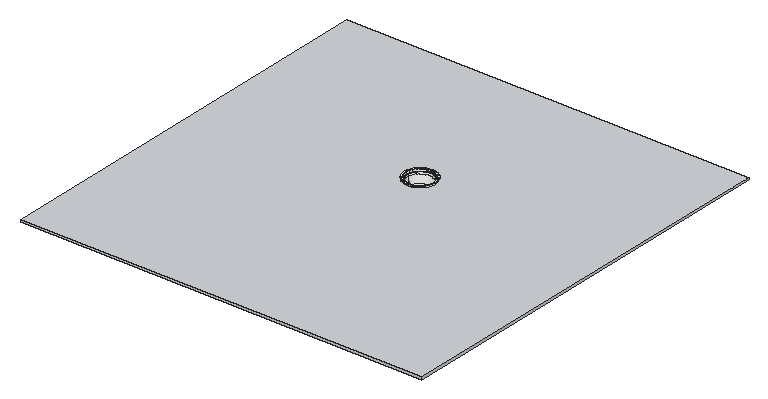
Revit family "Zumtobel PANOS3 R R200", category Lighting Fixtures, host Face, Revit 2018
Family settings
  Host = Face
  Round Connector Dimension = Use Diameter
  Part Type = Normal
  OmniClass Number = 23.80.70.11
  OmniClass Title = Luminaries for Internal Lighting
  Cut with Voids When Loaded = No
  Light Source = Yes
  Shared = No
  Room Calculation Point = No
Parameters (values of type "PANOS3 R R200H WH")
  Width = 213 mm
  Wattage Comments = ""
  Wattage = 7.6746 W
  WH = yes
  built-in parameter 1150110 = 1 (stored number, unit not read)
  Voltage = 230 V
  URL = "http://www.zumtobel.com/60819247"
  Type Comments = "© Zumtobel. We reserve the right to make technical changes without prior notice."  # constant formula
  built-in parameter 1114217 = 1 (stored number, unit not read)
  Tilt Angle = -90.00°
  built-in parameter 1150109 = 1 (stored number, unit not read)
  built-in parameter 1150134 = 12
  built-in parameter 1150113 = 1 (stored number, unit not read)
  Reflector = ZG_Metal_White_Self_Illumination
  R200L = no
  R200H = yes
  Photometric Web File = "60819247_(STD).IES"
  Model = "60819247"
  Manufacturer = "Zumtobel Lighting"  # constant formula
  built-in parameter 1150105 = 762.77 (stored number, unit not read)
  Lumens = 1140 lm
  built-in parameter 1150115 = 1 (stored number, unit not read)
  built-in parameter 1150137 = (empty or 0)
  built-in parameter 1150139 = (empty or 0)
  Length = Width  # 213 mm
  built-in parameter 1150112 = 1 (stored number, unit not read)
  built-in parameter 1150114 = 1 (stored number, unit not read)
  Lamp = "LED"
  built-in parameter 1150132 = 2
  built-in parameter 1150102 = (empty or 0)
  built-in parameter 1150107 = 4000 (stored number, unit not read)
  built-in parameter 1150138 = (empty or 0)
  built-in parameter 1150106 = 7.6277 (stored number, unit not read)
  Height = 106 mm
  Emit from Circle Diameter = Cover Diameter  # 218 mm
  Emit Shape Visible in Rendering = yes
  built-in parameter 1150104 = 13.8 (stored number, unit not read)
  Dimming Lamp Color Temperature Shift = <None>
  Description = "LED ceiling-recessed luminaire"  # constant formula
  Default Elevation = 0 mm
  Cutout Diameter = 200 mm  # constant formula
  Cover Diameter = 218 mm  # constant formula
  Color Filter = 16777215
  Clearance Height = if(R200H, 120 mm, 75 mm)  # 120 mm
  built-in parameter 1140040 [instance] = 1
  Body = ZG_Metal_White
  built-in parameter 1114218 = 1 (stored number, unit not read)
  built-in parameter 1150133 = 10 (stored number, unit not read)
  Assembly Code = "D5020200"
  Apparent Load = 8.1 VA
Types (4, lengths in mm): name | Width | WH | URL | R200L | R200H | Photometric Web File | Model | built-in parameter 1150105 | Length | built-in parameter 1150106 | Height | Clearance Height
  PANOS3 R R200L WH | 213 | yes | "http://www.zumtobel.com/60819287" | yes | no | "60819287_(STD).IES" | "60819287" | 670.09 (stored number, unit not read) | 213 | 6.7009 (stored number, unit not read) | 65 | 75
  PANOS3 R R200L TL | 200 | no | "http://www.zumtobel.com/60819285" | yes | no | "60819285_(STD).IES" | "60819285" | 670.09 (stored number, unit not read) | 200 | 6.7009 (stored number, unit not read) | 65 | 75
  PANOS3 R R200H WH | 213 | yes | "http://www.zumtobel.com/60819247" | no | yes | "60819247_(STD).IES" | "60819247" | 762.77 (stored number, unit not read) | 213 | 7.6277 (stored number, unit not read) | 106 | 120
  PANOS3 R R200H TL | 200 | no | "http://www.zumtobel.com/60818282" | no | yes | "60819282_(STD).IES" | "60818282" | 762.77 (stored number, unit not read) | 200 | 7.6277 (stored number, unit not read) | 106 | 120
Reference planes
  plane 1 "Center (Front/Back)": y = 0
  plane 2 "Top": z = 0
  plane 3 "Center (Left/Right)": x = 399.5
  plane 4: z = 1.7
  plane 5: x = 249.5
  plane 6: y = 100
  plane 7: y = -350
  plane 8: x = 749.5
  plane 9: z = -120
  plane 10: z = -15
  plane 11: x = 499.5
  plane 12: x = 299.5
  plane 13: x = 307.39
  plane 14: y = 150
  plane 15: y = -100
  plane 16 "Bottom": z = -106
Forms (mm)
  Extrusion 1, solid
    sketch origin (0, 0, 0) x (1, 0, 0) y (0, 1, 0)
      loop
        line (-1016.679, 1125) -> (-1016.679, -1737.29) -> (1803.321, -1737.29) -> (1803.321, 1125) -> (-1016.679, 1125)
    from 0 to -15
  Extrusion 2, void
    sketch origin (0, 0, 0) x (1, 0, 0) y (0, 1, 0)
      loop
        circle (399.5, 0) r 100
    from -20 to 0
  Extrusion 3, solid, material "ZG_Metal_White" <- "Body", visible <- "WH"
    sketch origin (0, 0, 0) x (1, 0, 0) y (0, 1, 0)
      loop
        circle (399.5, 0) r 109
      loop
        circle (399.5, 0) r 97
    from 0 to 1.7
  Revolve 4, solid, material "ZG_Metal_White" <- "Body", visible <- "R200H"
    sketch origin (0, 0, 0) x (1, 0, 0) y (0, 0, 1)
      loop
        line (321.873, -77.47) -> (313.668, -25.667) -> (311.696, -14.484) -> (304.325, -14.484) -> (302.5, -9.471) -> (302.5, 0) -> (299.5, 0) -> (299.5, -10) -> (302.224, -17.484) -> (309.179, -17.484) -> (310.678, -25.982) -> (312.103, -66.802) -> (314.616, -66.802) -> (314.721, -69.802) -> (312.208, -69.802) -> (313.472, -106) -> (399.5, -106) -> (399.5, -77.47) -> (321.873, -77.47)
      axis (399.5, 0) -> (399.5, -106)
    angle from 0 to 360
  Extrusion 5, void
    sketch origin (0, 0, -104) x (-1, 0, 0) y (0, -1, 0)
      loop
        line (-249.5, -150) -> (-249.5, 350) -> (-749.5, 350) -> (-749.5, -150) -> (-249.5, -150)
    from -16 to 89
  Revolve 6, solid, material "ZG_Metal_White" <- "Body", visible <- "R200L"
    sketch origin (0, 0, 0) x (1, 0, 0) y (0, 0, 1)
      loop
        line (315.224, -35.486) -> (313.668, -25.667) -> (311.696, -14.484) -> (304.325, -14.484) -> (302.5, -9.471) -> (302.5, 0) -> (299.5, 0) -> (299.5, -10) -> (302.224, -17.484) -> (309.179, -17.484) -> (310.678, -25.982) -> (313.401, -65) -> (399.5, -65) -> (399.5, -35.486) -> (315.224, -35.486)
      axis (399.5, 0) -> (399.5, -65)
    angle from 0 to 360
  Extrusion 7, solid, material "ZG_Metal_Grey", detail levels medium+fine
    sketch origin (-25, 0, 0) x (1, 0, 0) y (0, 0, 1)
      loop
        line (327.39, -41.732) -> (327.39, -79.759) -> (332.39, -79.759) -> (332.39, -30.273) -> (327.305, -26.155)
        arc (327.305, -26.155) -> (325.524, -24.285) -> (324.283, -22.021) r 10
        arc (324.283, -22.021) -> (322.03, -18.976) -> (318.548, -17.486) r 7.237
        line (318.548, -17.486) -> (311.542, -16.501) -> (311.573, -18.256) -> (316.825, -19.062)
        arc (316.825, -19.062) -> (319.489, -20.275) -> (321.126, -22.702) r 5.388
        line (321.126, -22.702) -> (327.39, -41.732)
      loop
        line (521.61, -41.732) -> (527.874, -22.702)
        arc (527.874, -22.702) -> (529.511, -20.275) -> (532.175, -19.062) r 5.388
        line (532.175, -19.062) -> (537.427, -18.256) -> (537.458, -16.501) -> (530.452, -17.486)
        arc (530.452, -17.486) -> (526.97, -18.976) -> (524.717, -22.021) r 7.237
        arc (524.717, -22.021) -> (523.476, -24.285) -> (521.695, -26.155) r 10
        line (521.695, -26.155) -> (516.61, -30.273) -> (516.61, -79.759) -> (521.61, -79.759) -> (521.61, -41.732)
    from -17.5 to 17.5
Dimensions and locks
  locked: plane 4 to plane 2 "Top" at 1.7
  locked: plane 5 to plane 12 at 50
  locked: plane 5 to plane 8 at 500
  locked: plane 2 "Top" to plane 10 at 15
  locked: plane 6 to plane 14 at 50
  locked: plane 7 to plane 14 at 500
  "Clearance Height": plane 2 "Top" to plane 9
  "Height": plane 2 "Top" to plane 16 "Bottom"
  "Cutout Diameter": diameter of Extrusion 2 sketch curve
  "Cover Diameter": diameter of Extrusion 3 sketch curve
  aligned and locked: Extrusion 1 to plane 2 "Top"
  aligned and locked: Extrusion 1 to level
  aligned and locked: imposter light to plane 3 "Center (Left/Right)"
  aligned and locked: imposter light to plane 1 "Center (Front/Back)"
  aligned and locked: plane 2 "Top" to Extrusion 2
  aligned and locked: plane 5 to Extrusion 5 sketch curve
  aligned and locked: plane 7 to Extrusion 5 sketch curve
  aligned and locked: Extrusion 5 sketch curve to plane 8
  aligned and locked: Extrusion 5 to plane 9
  aligned and locked: Extrusion 5 to plane 10
  aligned and locked: imposter light to plane 4
  aligned and locked: plane 14 to Extrusion 5 sketch curve
Automatic sketch dimensions
  Extrusion 1 sketch curve to Extrusion 1 sketch curve = 2820 mm
  Extrusion 1 sketch curve to Extrusion 1 sketch curve = 2862.29 mm
  Extrusion 3 sketch curve to Extrusion 3 sketch curve = 0 mm  (x2)
  plane 1 "Center (Front/Back)" to Extrusion 3 sketch curve = 0 mm
  Extrusion 3 sketch curve to plane 3 "Center (Left/Right)" = 0 mm
  Revolve 4 sketch curve to level = 0 mm
  plane 3 "Center (Left/Right)" to Revolve 4 sketch curve = 0 mm  (x2)
  plane 12 to Revolve 4 sketch curve = 22.373 mm
  Revolve 4 sketch curve to Revolve 4 sketch curve = 7.152 mm
  Revolve 4 sketch curve to Revolve 4 sketch curve = 0.105 mm
  Revolve 4 sketch curve to plane 10 = 10.667 mm
  Revolve 4 sketch curve to Revolve 4 sketch curve = 0.948 mm
  Revolve 4 sketch curve to Revolve 4 sketch curve = 8.401 mm
  Revolve 4 sketch curve to Revolve 4 sketch curve = 2.513 mm  (x2)
  plane 10 to Revolve 4 sketch curve = 0.516 mm
  Revolve 4 sketch curve to Revolve 4 sketch curve = 1.972 mm
  Revolve 4 sketch curve to plane 10 = 10.982 mm
  Revolve 4 sketch curve to Revolve 4 sketch curve = 2.991 mm
  Revolve 4 sketch curve to Revolve 4 sketch curve = 2.517 mm
  Revolve 4 sketch curve to Revolve 4 sketch curve = 4.855 mm
  Revolve 4 sketch curve to Revolve 4 sketch curve = 1.825 mm
  Revolve 4 sketch curve to plane 10 = 2.484 mm
  Revolve 4 sketch curve to Revolve 4 sketch curve = 2.101 mm
  Revolve 4 sketch curve to Revolve 4 sketch curve = 3 mm  (x2)
  plane 10 to Revolve 4 sketch curve = 5 mm
  Revolve 4 sketch curve to Revolve 4 sketch curve = 0.529 mm
  Revolve 4 sketch curve to Revolve 4 sketch curve = 23.99 mm
  Revolve 4 sketch curve to plane 10 = 17.071 mm
  Revolve 6 sketch curve to plane 12 = 0 mm
  Revolve 6 sketch curve to level = 0 mm
  plane 3 "Center (Left/Right)" to Revolve 6 sketch curve = 0 mm  (x2)
  plane 12 to Revolve 6 sketch curve = 2.724 mm
  Revolve 6 sketch curve to Revolve 6 sketch curve = 3 mm
  plane 10 to Revolve 6 sketch curve = 0.516 mm
  Revolve 6 sketch curve to Revolve 6 sketch curve = 2.101 mm
  Revolve 6 sketch curve to plane 10 = 2.484 mm
  Revolve 6 sketch curve to Revolve 6 sketch curve = 4.855 mm
  Revolve 6 sketch curve to Revolve 6 sketch curve = 1.498 mm
  Revolve 6 sketch curve to Revolve 6 sketch curve = 2.517 mm
  plane 12 to Revolve 6 sketch curve = 13.901 mm
  Revolve 6 sketch curve to Revolve 6 sketch curve = 2.991 mm
  Revolve 6 sketch curve to Revolve 6 sketch curve = 1.555 mm
  Revolve 6 sketch curve to Revolve 6 sketch curve = 18.002 mm
  Revolve 6 sketch curve to Revolve 6 sketch curve = 8.498 mm
  Revolve 6 sketch curve to Revolve 6 sketch curve = 0.314 mm
  plane 10 to Revolve 6 sketch curve = 5 mm
  Revolve 6 sketch curve to Revolve 6 sketch curve = 0.529 mm
  Revolve 6 sketch curve to Revolve 6 sketch curve = 3.416 mm
  plane 13 to Extrusion 7 sketch curve = 0 mm
  plane 12 to Extrusion 7 sketch curve = 2.89 mm
  plane 12 to Extrusion 7 sketch curve = 2.805 mm
  Extrusion 7 sketch curve to plane 12 = 3.374 mm
  Extrusion 7 sketch curve to plane 10 = 2.486 mm  (x2)
  Extrusion 7 sketch curve to Extrusion 7 sketch curve = 2.578 mm  (x2)
  Extrusion 7 sketch curve to Extrusion 7 sketch curve = 3.585 mm  (x2)
  Extrusion 7 sketch curve to plane 10 = 4.062 mm  (x2)
  Extrusion 7 sketch curve to Extrusion 7 sketch curve = 1.723 mm  (x2)
  Extrusion 7 sketch curve to Extrusion 7 sketch curve = 1.532 mm  (x2)
  Extrusion 7 sketch curve to plane 10 = 3.256 mm  (x2)
  Extrusion 7 sketch curve to Extrusion 7 sketch curve = 5.252 mm  (x2)
  Extrusion 7 sketch curve to plane 10 = 1.501 mm  (x2)
  Extrusion 7 sketch curve to Extrusion 7 sketch curve = 0.031 mm  (x2)
  Extrusion 7 sketch curve to plane 13 = 1.208 mm
  Extrusion 7 sketch curve to plane 10 = 3.384 mm  (x2)
  plane 11 to Extrusion 7 sketch curve = 9.098 mm
  plane 11 to Extrusion 7 sketch curve = 7.89 mm
  plane 11 to Extrusion 7 sketch curve = 2.89 mm
  plane 11 to Extrusion 7 sketch curve = 2.805 mm
  Extrusion 7 sketch curve to plane 11 = 3.374 mm
  Extrusion 7 sketch curve to Extrusion 7 sketch curve = 3.641 mm  (x2)
  Extrusion 7 sketch curve to Extrusion 7 sketch curve = 0.266 mm  (x2)
  Extrusion 7 sketch curve to Extrusion 7 sketch curve = 4.135 mm
  Extrusion 7 sketch curve to Extrusion 7 sketch curve = 3.453 mm
  Extrusion 7 sketch curve to Extrusion 7 sketch curve = 4.118 mm  (x2)
  Extrusion 7 sketch curve to Extrusion 7 sketch curve = 11.459 mm  (x2)
  Revolve 4 sketch curve to Revolve 4 sketch curve = 40.821 mm
  Revolve 4 sketch curve to Revolve 4 sketch curve = 45.4 mm
  Revolve 4 sketch curve to Revolve 4 sketch curve = 28.53 mm
  Revolve 6 sketch curve to Revolve 6 sketch curve = 29.514 mm
  Revolve 6 sketch curve to Revolve 6 sketch curve = 11.52 mm
  Extrusion 7 sketch curve to Extrusion 7 sketch curve = 38.027 mm  (x2)
  plane 1 "Center (Front/Back)" to Extrusion 2 sketch curve = 0 mm
  Extrusion 2 sketch curve to plane 3 "Center (Left/Right)" = 0 mm
  radius of Extrusion 3 sketch curve = 97 mm
Connectors
  electrical at (399.5, 0, -106), driven by "Voltage", driven by "Apparent Load"
    settings: index 1, voltage 230 V, apparent load 8.1 VA, apparent load phase1 0 VA, apparent load phase2 0 VA, apparent load phase3 0 VA, power factor 1, load classification "Lighting", number of poles 1, system type 30, power factor state 1, is connector primary yes, connector utility no, sub classification motor no, connector description "Power"
